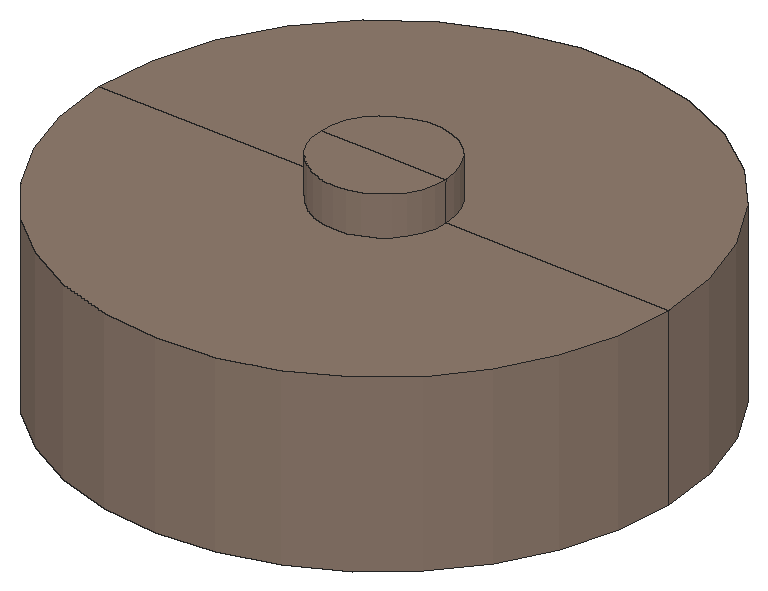
Revit family "Luminária de teto", category Luminárias, Revit 2015
Parameters (values of type "Tipo 1")
  Wattage = 9.2903 W
  built-in parameter 1150110 = 1 (stored number, unit not read)
  built-in parameter 1114217 = 1 (stored number, unit not read)
  built-in parameter 1150109 = 1 (stored number, unit not read)
  built-in parameter 1150134 = (empty or 0)
  built-in parameter 1150113 = 1 (stored number, unit not read)
  Lumens = 1380 lm
  built-in parameter 1150115 = 1 (stored number, unit not read)
  built-in parameter 1150105 = 439.27 (stored number, unit not read)
  Light Source Symbol Size = 609.6 mm
  built-in parameter 1150137 = (empty or 0)
  built-in parameter 1150139 = (empty or 0)
  built-in parameter 1150112 = 1 (stored number, unit not read)
  built-in parameter 1150114 = 1 (stored number, unit not read)
  built-in parameter 1150132 = 2
  built-in parameter 1150102 = (empty or 0)
  built-in parameter 1150138 = (empty or 0)
  built-in parameter 1150107 = 3000 (stored number, unit not read)
  built-in parameter 1150106 = 4.3927 (stored number, unit not read)
  built-in parameter 1150104 = 13.8 (stored number, unit not read)
  Dimming Lamp Color Temperature Shift = (empty or 0)
  Color Filter = 16777215
  built-in parameter 1114218 = 1 (stored number, unit not read)
  built-in parameter 1150133 = 10 (stored number, unit not read)
Reference planes
  plane 1 "Eixo de origem da luz (F/T)": y = 0
  plane 2: z = 0
  plane 3 "Eixo de origem da luz (E/D)": x = 0
  plane 4 "Forro": z = 4000
  plane 5 "Elevação da origem da luz": z = 3750
Forms (mm)
  Revolve 1, solid, material "Cobre, pátina"
    sketch origin (0, 0, 0) x (1, 0, 0) y (0, 0, 1)
      loop
        line (310, 3755) -> (310, 3726.595) -> (365, 3726.595) -> (365, 3950) -> (80, 3950) -> (80, 4000) -> (0, 4000) -> (0, 3804.099)
        arc (0, 3804.099) -> (156.749, 3790.593) -> (310, 3755) r 1106.88
      axis (0, 4000) -> (0, 3726.595)
    angle from 0 to 360
Dimensions and locks
  equal spacing: host sketch curve, plane 3 "Eixo de origem da luz (E/D)", host sketch curve
  equal spacing: host sketch curve, plane 1 "Eixo de origem da luz (F/T)", host sketch curve
  host sketch curve to host sketch curve = 4000 mm  (x2)
  locked: plane 4 "Forro" to host ceiling at 0
  aligned and locked: plane 3 "Eixo de origem da luz (E/D)" to imposter light
  aligned and locked: plane 1 "Eixo de origem da luz (F/T)" to imposter light
  aligned and locked: plane 5 "Elevação da origem da luz" to imposter light
